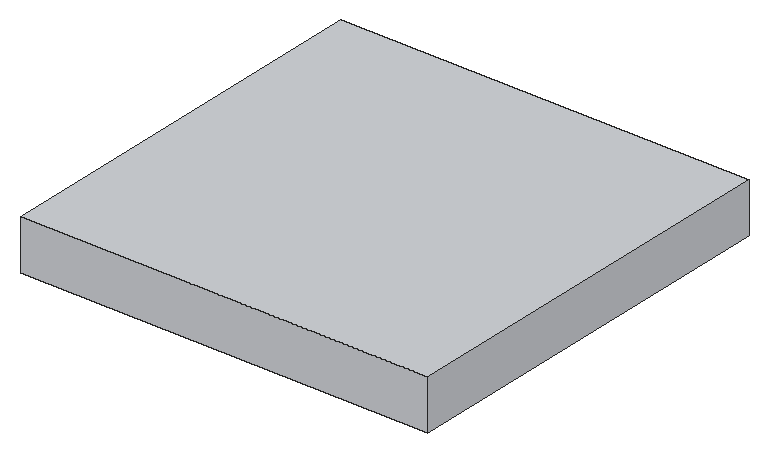
Revit family "TC - Base Wall Drop AutoOrient", category Data Devices, host Face, Revit 2025
Family settings
  Host = Face
  Round Connector Dimension = Use Diameter
  Part Type = Normal
  OmniClass Number = 23.85.50.17.11
  OmniClass Title = Computer Network Equipment
  Cut with Voids When Loaded = No
  Maintain Annotation Orientation = Yes
  Shared = Yes
  Room Calculation Point = No
Parameters (values of type "TD - 1 Port")
  TC Tagging Order [instance] = ""
  TC Label Quadrant [instance] = 0
  TC Auto Orient Version = 2  # constant formula
  TC Auto Orient [instance] = yes
  Symbol On/Off [instance] = yes
  Shade Right [instance] = # of Ports > 1  # no
  Shade Left [instance] = 1 = 0  # no
  Mounting Type [instance] = "Wall"
  IDF Room [instance] = ""
  Floor [instance] = ""
  Elevation Tag - Rotate [instance] = no
  Elevation Tag [instance] = yes
  Data Elevation [instance] = ""
  Cable ID Tag - Right Rotate [instance] = TC Label Quadrant = 3  # no
  Cable ID Tag - Right [instance] = TC Label Quadrant = 2  # no
  Cable ID Tag [instance] = TC Label Quadrant = 0  # yes
  Cable ID Tag - Rotate [instance] = TC Label Quadrant = 1  # no
  # of Ports Tag - Rotate [instance] = and(TC Label Quadrant = 1, not(# of Ports = 0))  # no
  # of Ports Tag - Left Rotate [instance] = and(TC Label Quadrant = 3, not(# of Ports = 0))  # no
  # of Ports Tag - Left [instance] = and(TC Label Quadrant = 2, not(# of Ports = 0))  # no
  # of Ports Tag [instance] = and(TC Label Quadrant = 0, not(# of Ports = 0))  # no
  Faceplate Width = 0' - 2 1/2"
  Faceplate Height = 0' - 4"
  Faceplate Depth = 0' - 0 3/16"
  Description = ""
  Default Elevation = 1' - 6"
  Cable ID Suffix = "TD"
  Backbox Width = 0' - 4"
  Backbox Height = 0' - 4"
  Backbox Depth = 0' - 2"
  Assembly Code = ""
  # of Ports = 0
Types (15): name | Shade Right | Mounting Type | Elevation Tag - Rotate | Elevation Tag | # of Ports Tag | Default Elevation | Cable ID Suffix | # of Ports
  TD - 1 Port | no | "Wall" | no | yes | no | 1' - 6" | "TD" | 0
  TD - 2 Port | yes | "Wall" | yes | no | yes | 1' - 6" | "TD" | 2
  TD - 4 Port | yes | "Wall" | no | yes | yes | 1' - 6" | "TD" | 4
  RS - 1 Port | no | "Wall" | yes | no | yes | 1' - 6" | "RS" | 1
  AV - 1 Port | no | "Wall" | no | yes | yes | 1' - 6" | "AV" | 1
  AV - 2 Port | yes | "Wall" | no | yes | yes | 1' - 6" | "AV" | 2
  AC - 1 Port | no | "Wall" | no | yes | yes | 1' - 6" | "AC" | 1
  AC - 2 Port | yes | "Wall" | no | yes | yes | 1' - 6" | "AC" | 2
  AV - 4 Port | yes | "Wall" | no | yes | yes | 7' - 6" | "AV" | 4
  TD - 3 Port | yes | "Wall" | no | yes | yes | 1' - 6" | "TD" | 3
  P - 2 Drop | yes | "Wall" | yes | no | yes | 1' - 6" | "P" | 2
  CAM 2 | no | "" | no | yes | yes | 1' - 6" | "CM" | 1
  O 2 | no | "" | no | yes | no | 1' - 6" | "O" | 0
  AV 2 | no | "" | no | yes | no | 1' - 6" | "AV" | 0
  AC 2 | yes | "" | no | yes | yes | 1' - 6" | "AC" | 2
Reference planes (in)
  plane 1 "Center (Front/Back)": y = 0
  plane 2: z = 0
  plane 3 "Center (Left/Right)": x = 0
  plane 4 "Left Inside": x = -2
  plane 5 "Right Inside": x = 2
  plane 6 "Top Inside": y = 2
  plane 7 "Bottom Inside": y = -2
  plane 8 "Left Outside": x = -1.25
  plane 9 "Right Outside": x = 1.25
  plane 10 "Top Outside": y = 2
  plane 11 "Bottom Outside": y = -2
  plane 12 "Front": z = 0.1875
  plane 13 "Back": z = -2
Forms (in)
  Extrusion 1, solid
    sketch origin (0, 0, 0) x (1, 0, 0) y (0, 1, 0)
      loop
        line (-49.63881, 48) -> (-49.63881, -48) -> (48, -48) -> (48, 48) -> (-49.63881, 48)
    from 0 to -12
  Extrusion 2, solid, not visible, detail levels fine
    sketch origin (0, 0, 0) x (1, 0, 0) y (0, 1, 0)
      loop
        line (-2, 2) -> (-2, -2) -> (2, -2) -> (2, 2) -> (-2, 2)
    from -0.13408 to -2
  Extrusion 3, solid, not visible, detail levels fine
    sketch origin (0, 0, 0) x (1, 0, 0) y (0, 1, 0)
      loop
        line (-1.25, 2) -> (-1.25, -2) -> (1.25, -2) -> (1.25, 2) -> (-1.25, 2)
    from 0 to 0.1875
  Extrusion 4, solid, detail levels medium
    sketch origin (0, 0, 0) x (1, 0, 0) y (0, 1, 0)
      loop
        line (-1.25, 2) -> (-1.25, -2) -> (1.25, -2) -> (1.25, 2) -> (-1.25, 2)
    from -0.13408 to 0
Lines and regions (in)
  symbolic lines, detail levels fine
    curve 1: line (-1.25, 0, 0) -> (1.25, 0, 0)
    curve 2: line (-1.25, 0, 0.1875) -> (-1.25, 0, 0)
    curve 3: line (1.25, 0, 0.1875) -> (-1.25, 0, 0.1875)
    curve 4: line (1.25, 0, 0) -> (1.25, 0, 0.1875)
Dimensions and locks (in)
  equal spacing: plane 4 "Left Inside", plane 3 "Center (Left/Right)", plane 5 "Right Inside"
  "Backbox Width": plane 4 "Left Inside" to plane 5 "Right Inside"
  equal spacing: plane 6 "Top Inside", plane 1 "Center (Front/Back)", plane 7 "Bottom Inside"
  "Backbox Height": plane 6 "Top Inside" to plane 7 "Bottom Inside"
  equal spacing: plane 8 "Left Outside", plane 3 "Center (Left/Right)", plane 9 "Right Outside"
  "Faceplate Width": plane 8 "Left Outside" to plane 9 "Right Outside"
  equal spacing: plane 10 "Top Outside", plane 1 "Center (Front/Back)", plane 11 "Bottom Outside"
  "Faceplate Height": plane 10 "Top Outside" to plane 11 "Bottom Outside"
  "Faceplate Depth": plane 12 "Front" to plane 2
  "Backbox Depth": plane 2 to plane 13 "Back"
  aligned and locked: plane 2 to Extrusion 1
  aligned and locked: level to Extrusion 1
  aligned and locked: plane 4 "Left Inside" to Extrusion 2 sketch curve
  aligned and locked: Extrusion 2 sketch curve to plane 6 "Top Inside"
  aligned and locked: plane 7 "Bottom Inside" to Extrusion 2 sketch curve
  aligned and locked: Extrusion 2 sketch curve to plane 5 "Right Inside"
  aligned and locked: Extrusion 2 to plane 13 "Back"
  aligned and locked: plane 8 "Left Outside" to Extrusion 3 sketch curve
  aligned and locked: Extrusion 3 sketch curve to plane 10 "Top Outside"
  aligned and locked: plane 11 "Bottom Outside" to Extrusion 3 sketch curve
  aligned and locked: Extrusion 3 sketch curve to plane 9 "Right Outside"
  aligned and locked: plane 12 "Front" to Extrusion 3
  aligned and locked: plane 8 "Left Outside" to curve 2
  aligned and locked: curve 4 to plane 9 "Right Outside"
  aligned and locked: plane 12 "Front" to curve 3
  aligned and locked: curve 1 to level
  aligned and locked: plane 8 "Left Outside" to curve 1
  aligned and locked: Extrusion 4 to plane 8 "Left Outside"
  aligned and locked: plane 6 "Top Inside" to Extrusion 4
  aligned and locked: Extrusion 2 to Extrusion 4
Automatic sketch dimensions
  Extrusion 1 sketch curve to Extrusion 1 sketch curve = 8' - 1.63881"
  Extrusion 1 sketch curve to Extrusion 1 sketch curve = 8' - 0"
  Extrusion 4 sketch curve to plane 8 "Left Outside" = 0' - 0"
  Extrusion 4 sketch curve to plane 9 "Right Outside" = 0' - 0"
  Extrusion 4 sketch curve to plane 7 "Bottom Inside" = 0' - 0"
  Extrusion 4 sketch curve to plane 6 "Top Inside" = 0' - 0"
Nested families (in)
  nested 1: "TC_WALL DROP SYMBOL" at (0, 0, 0), Cable ID Suffix <- "Cable ID Suffix", # of Ports <- "# of Ports", Elevation Tag <- "Elevation Tag", Elevation Tag - Rotate <- "Elevation Tag - Rotate", # of Ports Tag <- "# of Ports Tag", Cable ID Tag <- "Cable ID Tag", Cable ID Tag - Rotate <- "Cable ID Tag - Rotate", visible <- "Symbol On/Off", Shade Left <- "Shade Left", Shade Right <- "Shade Right", # of Ports Tag - Left <- "# of Ports Tag - Left", # of Ports Tag - Left Rotate <- "# of Ports Tag - Left Rotate", Cable ID Tag - Right <- "Cable ID Tag - Right", Cable ID Tag - Right Rotate <- "Cable ID Tag - Right Rotate", # of Ports Tag - Rotate <- "# of Ports Tag - Rotate", Data Elevation <- "Data Elevation", type "TC_WALL DROP SYMBOL"
    with Shade Right no, Shade Left no, Elevation Tag - Rotate no, Elevation Tag yes, Data Elevation "", Cable ID Tag - Rotate no, Cable ID Tag - Right Rotate no, Cable ID Tag - Right no, Cable ID Tag yes, Cable ID Suffix "TD", # of Ports Tag - Rotate no, # of Ports Tag - Left Rotate no, # of Ports Tag - Left no, # of Ports Tag no, # of Ports 0
Connectors (in)
  electrical at (0, 2, -1.06704)
    settings: on Extrusion 2, index 1, voltage 0 V, apparent load 0 VA, apparent load phase1 0 VA, apparent load phase2 0 VA, apparent load phase3 0 VA, power factor 0, load classification "Other", number of poles 1, system type 5, power factor state 1, is connector primary yes, connector utility no, sub classification motor no, connector description ""
Definition of nested family "TC_WALL DROP SYMBOL"
  Parameters (values of type "TC_WALL DROP SYMBOL")
    Shade Right [instance] = yes
    Shade Left [instance] = no
    Elevation Tag - Rotate [instance] = no
    Elevation Tag [instance] = no
    Data Elevation [instance] = ""
    Cable ID Tag - Rotate [instance] = no
    Cable ID Tag - Right Rotate [instance] = no
    Cable ID Tag - Right [instance] = no
    Cable ID Tag [instance] = yes
    Cable ID Suffix [instance] = ""
    # of Ports Tag - Rotate [instance] = no
    # of Ports Tag - Left Rotate [instance] = no
    # of Ports Tag - Left [instance] = no
    # of Ports Tag [instance] = yes
    # of Ports [instance] = 0
  Reference planes (in)
    plane 1: y = 0
    plane 2: x = 0
  Lines and regions (in)
    Filled region 1, type "Solid Black", visible <- "Shade Right"
      outline origin (0, 0, 0) x (1, 0, 0) y (0, 1, 0)
        loop
          line (0, 0) -> (0.07679, 0.133) -> (0, 0.133) -> (0, 0)
    Filled region 2, type "Solid Black", visible <- "Shade Left"
      outline origin (0, 0, 0) x (1, 0, 0) y (0, 1, 0)
        loop
          line (0, 0) -> (0, 0.133) -> (-0.07679, 0.133) -> (0, 0)
    detail lines
      curve 1: line (-0.07679, 0.133, 0) -> (0.07679, 0.133, 0)
      curve 2: line (0.07679, 0.133, 0) -> (0, 0, 0)
      curve 3: line (-0.07679, 0.133, 0) -> (0, 0, 0)
      curve 4: line (-0.06693, 0, 0) -> (0.06693, 0, 0)
  Text (in)
    label "#" at (0.06898, 0.2146, 0), shows "# of Ports", visible <- "# of Ports Tag"
    label "ID" at (-0.03732, 0.2146, 0), shows "Cable ID Suffix", visible <- "Cable ID Tag"
    label "#" at (0.1093, 0.19382, 0), shows "# of Ports", visible <- "# of Ports Tag - Rotate"
    label "ID" at (-0.08666, 0.17647, 0), shows "Cable ID Suffix", visible <- "Cable ID Tag - Rotate"
    label "Data Elevation" at (0.17412, -0.12459, 0), shows "Data Elevation", visible <- "Elevation Tag - Rotate"
    label "Data Elevation" at (0.083, -0.04006, 0), shows "Data Elevation", visible <- "Elevation Tag"
    label "ID" at (0.06845, 0.2146, 0), shows "Cable ID Suffix", visible <- "Cable ID Tag - Right"
    label "ID" at (0.10866, 0.17647, 0), shows "Cable ID Suffix", visible <- "Cable ID Tag - Right Rotate"
    label "#" at (-0.1204, 0.2146, 0), shows "# of Ports", visible <- "# of Ports Tag - Left"
    label "#" at (-0.08009, 0.19382, 0), shows "# of Ports", visible <- "# of Ports Tag - Left Rotate"
